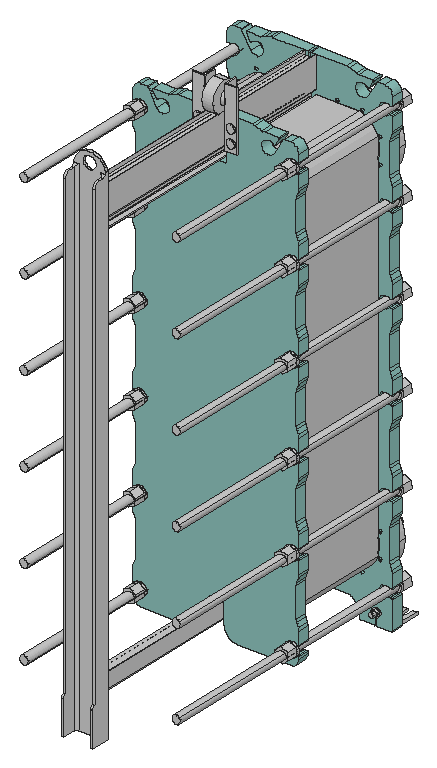
Revit family "Ekin_Endüstriyel - MIT562", category Specialty Equipment, Revit 2022
Family settings
  Round Connector Dimension = Use Diameter
  Part Type = Normal
  Work Plane-Based = No
  Always vertical = No
  Cut with Voids When Loaded = No
  Maintain Annotation Orientation = No
  Shared = No
  Room Calculation Point = No
Parameters (values of type "Flanged")
  URL = "https://en.ekinendustriyel.com/plate-heat-exchanger"
  Type Comments = ""
  Thickness_of_Plate [instance] = 0.50 mm  # constant formula
  Number_of_Plate [instance] = 130
  Model = if(Hygienic, if(Design Pressure < 11.0 bar, "H12340000F150L", if(Design Pressure < 16.0 bar, " H12340000F150M", " H12340000F150H")), if(Design Pressure < 10.0 bar, "E12340000F150L", if(Design Pressure < 16.0 bar, " E12340000F150M", " E12340000F150H")))  # "H12340000F150L"
  Material = Galvanized Steel- S235JR
  Manufacturer = "Ekin Endüstriyel"
  Lk [instance] = (Number_of_Plate) * ((Thickness_of_Plate) + 2.50 mm)  # 390.00 mm
  Lh [instance] = 1800.00 mm  # constant formula
  Lf [instance] = 1730.00 mm  # constant formula
  Lc [instance] = if(Number_of_Plate < 131, 1000.00 mm, if(Number_of_Plate < 171, 1500.00 mm, if(Number_of_Plate < 221, 1750.00 mm, 2000.00 mm)))  # 1000.00 mm
  La [instance] = 608.00 mm  # constant formula
  Keynote = ""
  Industrial [instance] = not(Hygienic)  # no
  Hygienic = yes
  Head & Follower Plate [instance] = if(Design Pressure < 11.0 bar, 40.00 mm, if(Design Pressure < 17.0 bar, 50.00 mm, 70.00 mm))  # 40.00 mm
  Follower Plate [instance] = -(Head & Follower Plate)  # -40.00 mm
  Design Pressure = 6.89476 bar
  Description = if(Design Pressure < 11.0 bar, "MIT - Heat Exchanger - 10 bar", if(Design Pressure < 16.0 bar, " MIT - Heat Exchanger - 16 bar", " MIT - Heat Exchanger - 25 bar"))  # "MIT - Heat Exchanger - 10 bar"
  Default Elevation = 0.00 mm
Reference planes
  plane 1 "Center (Front/Back)": y = 0
  plane 2: z = 0
  plane 3 "Center (Left/Right)": x = 0
  plane 4: x = 1160
  plane 5: x = -1000
  plane 6 "2": y = -430
  plane 7 "1": y = -40
  plane 8 "3": y = -1040
  plane 9 "Bolt End": y = 18.7
  plane 10: y = -1000
Forms (mm)
  Extrusion 1, solid, material "Galvanized Steel", detail levels fine
    sketch origin (4.063, 0, 0) x (1, 0, 0) y (0, 0, 1)
      loop
        line (214.272, 1759.15) -> (228.331, 1783.5)
        arc (228.331, 1783.5) -> (228.331, 1786.5) -> (225.733, 1788) r 3
        line (225.733, 1788) -> (174.197, 1788)
        arc (174.197, 1788) -> (168.987, 1788.456) -> (163.936, 1789.809) r 30
        line (163.936, 1789.809) -> (140.908, 1798.191)
        arc (140.908, 1798.191) -> (135.857, 1799.544) -> (130.647, 1800) r 30
        line (130.647, 1800) -> (1.937, 1800)
        arc (1.937, 1800) -> (-0.184, 1799.121) -> (-1.063, 1797) r 3
        line (-1.063, 1797) -> (-1.063, 1777.693)
        arc (-1.063, 1777.693) -> (-0.613, 1776.112) -> (0.604, 1775.006) r 3
        arc (0.604, 1775.006) -> (6.437, 1765.6) -> (0.604, 1756.194) r 10.5
        arc (0.604, 1756.194) -> (-0.613, 1755.088) -> (-1.063, 1753.507) r 3
        line (-1.063, 1753.507) -> (-1.063, 1717.693)
        arc (-1.063, 1717.693) -> (-0.613, 1716.112) -> (0.604, 1715.006) r 3
        arc (0.604, 1715.006) -> (-4.063, 1695.1) -> (-8.73, 1715.006) r 10.5
        arc (-8.73, 1715.006) -> (-7.514, 1716.112) -> (-7.063, 1717.693) r 3
        line (-7.063, 1717.693) -> (-7.063, 1753.507)
        arc (-7.063, 1753.507) -> (-7.514, 1755.088) -> (-8.73, 1756.194) r 3
        arc (-8.73, 1756.194) -> (-14.563, 1765.6) -> (-8.73, 1775.006) r 10.5
        arc (-8.73, 1775.006) -> (-7.514, 1776.112) -> (-7.063, 1777.693) r 3
        line (-7.063, 1777.693) -> (-7.063, 1797)
        arc (-7.063, 1797) -> (-7.942, 1799.121) -> (-10.063, 1800) r 3
        line (-10.063, 1800) -> (-138.773, 1800)
        arc (-138.773, 1800) -> (-143.983, 1799.544) -> (-149.034, 1798.191) r 30
        line (-149.034, 1798.191) -> (-172.062, 1789.809)
        arc (-172.062, 1789.809) -> (-177.113, 1788.456) -> (-182.323, 1788) r 30
        line (-182.323, 1788) -> (-233.859, 1788)
        arc (-233.859, 1788) -> (-236.457, 1786.5) -> (-236.457, 1783.5) r 3
        line (-236.457, 1783.5) -> (-222.398, 1759.15)
        arc (-222.398, 1759.15) -> (-220.037, 1757.659) -> (-217.471, 1758.758) r 3
        arc (-217.471, 1758.758) -> (-173.141, 1741.022) -> (-219.714, 1730.5) r 25
        line (-219.714, 1730.5) -> (-252.045, 1786.5)
        arc (-252.045, 1786.5) -> (-253.143, 1787.598) -> (-254.643, 1788) r 3
        line (-254.643, 1788) -> (-278.063, 1788)
        arc (-278.063, 1788) -> (-299.276, 1779.213) -> (-308.063, 1758) r 30
        line (-308.063, 1758) -> (-308.063, 1730.25)
        arc (-308.063, 1730.25) -> (-307.184, 1728.129) -> (-305.063, 1727.25) r 3
        line (-305.063, 1727.25) -> (-297.396, 1727.25)
        arc (-297.396, 1727.25) -> (-296.452, 1727.402) -> (-295.604, 1727.844) r 3
        arc (-295.604, 1727.844) -> (-262.063, 1711) -> (-295.604, 1694.156) r 21
        arc (-295.604, 1694.156) -> (-296.452, 1694.598) -> (-297.396, 1694.75) r 3
        line (-297.396, 1694.75) -> (-305.063, 1694.75)
        arc (-305.063, 1694.75) -> (-307.184, 1693.871) -> (-308.063, 1691.75) r 3
        line (-308.063, 1691.75) -> (-308.063, 1645.265)
        arc (-308.063, 1645.265) -> (-307.607, 1640.055) -> (-306.254, 1635.004) r 30
        line (-306.254, 1635.004) -> (-299.872, 1617.471)
        arc (-299.872, 1617.471) -> (-298.519, 1612.42) -> (-298.063, 1607.21) r 30
        line (-298.063, 1607.21) -> (-298.063, 1497.79)
        arc (-298.063, 1497.79) -> (-298.519, 1492.58) -> (-299.872, 1487.529) r 30
        line (-299.872, 1487.529) -> (-306.254, 1469.996)
        arc (-306.254, 1469.996) -> (-307.607, 1464.945) -> (-308.063, 1459.735) r 30
        line (-308.063, 1459.735) -> (-308.063, 1413.25)
        arc (-308.063, 1413.25) -> (-307.184, 1411.129) -> (-305.063, 1410.25) r 3
        line (-305.063, 1410.25) -> (-297.396, 1410.25)
        arc (-297.396, 1410.25) -> (-296.452, 1410.402) -> (-295.604, 1410.844) r 3
        arc (-295.604, 1410.844) -> (-262.063, 1394) -> (-295.604, 1377.156) r 21
        arc (-295.604, 1377.156) -> (-296.452, 1377.598) -> (-297.396, 1377.75) r 3
        line (-297.396, 1377.75) -> (-305.063, 1377.75)
        arc (-305.063, 1377.75) -> (-307.184, 1376.871) -> (-308.063, 1374.75) r 3
        line (-308.063, 1374.75) -> (-308.063, 1328.265)
        arc (-308.063, 1328.265) -> (-307.607, 1323.055) -> (-306.254, 1318.004) r 30
        line (-306.254, 1318.004) -> (-299.872, 1300.471)
        arc (-299.872, 1300.471) -> (-298.519, 1295.42) -> (-298.063, 1290.21) r 30
        line (-298.063, 1290.21) -> (-298.063, 1180.79)
        arc (-298.063, 1180.79) -> (-298.519, 1175.58) -> (-299.872, 1170.529) r 30
        line (-299.872, 1170.529) -> (-306.254, 1152.996)
        arc (-306.254, 1152.996) -> (-307.607, 1147.945) -> (-308.063, 1142.735) r 30
        line (-308.063, 1142.735) -> (-308.063, 1096.25)
        arc (-308.063, 1096.25) -> (-307.184, 1094.129) -> (-305.063, 1093.25) r 3
        line (-305.063, 1093.25) -> (-297.396, 1093.25)
        arc (-297.396, 1093.25) -> (-296.452, 1093.402) -> (-295.604, 1093.844) r 3
        arc (-295.604, 1093.844) -> (-262.063, 1077) -> (-295.604, 1060.156) r 21
        arc (-295.604, 1060.156) -> (-296.452, 1060.598) -> (-297.396, 1060.75) r 3
        line (-297.396, 1060.75) -> (-305.063, 1060.75)
        arc (-305.063, 1060.75) -> (-307.184, 1059.871) -> (-308.063, 1057.75) r 3
        line (-308.063, 1057.75) -> (-308.063, 1011.265)
        arc (-308.063, 1011.265) -> (-307.607, 1006.055) -> (-306.254, 1001.004) r 30
        line (-306.254, 1001.004) -> (-299.872, 983.471)
        arc (-299.872, 983.471) -> (-298.519, 978.42) -> (-298.063, 973.21) r 30
        line (-298.063, 973.21) -> (-298.063, 863.79)
        arc (-298.063, 863.79) -> (-298.519, 858.58) -> (-299.872, 853.529) r 30
        line (-299.872, 853.529) -> (-306.254, 835.996)
        arc (-306.254, 835.996) -> (-307.607, 830.945) -> (-308.063, 825.735) r 30
        line (-308.063, 825.735) -> (-308.063, 779.25)
        arc (-308.063, 779.25) -> (-307.184, 777.129) -> (-305.063, 776.25) r 3
        line (-305.063, 776.25) -> (-297.396, 776.25)
        arc (-297.396, 776.25) -> (-296.452, 776.402) -> (-295.604, 776.844) r 3
        arc (-295.604, 776.844) -> (-262.063, 760) -> (-295.604, 743.156) r 21
        arc (-295.604, 743.156) -> (-296.452, 743.598) -> (-297.396, 743.75) r 3
        line (-297.396, 743.75) -> (-305.063, 743.75)
        arc (-305.063, 743.75) -> (-307.184, 742.871) -> (-308.063, 740.75) r 3
        line (-308.063, 740.75) -> (-308.063, 694.265)
        arc (-308.063, 694.265) -> (-307.607, 689.055) -> (-306.254, 684.004) r 30
        line (-306.254, 684.004) -> (-299.872, 666.471)
        arc (-299.872, 666.471) -> (-298.519, 661.42) -> (-298.063, 656.21) r 30
        line (-298.063, 656.21) -> (-298.063, 546.79)
        arc (-298.063, 546.79) -> (-298.519, 541.58) -> (-299.872, 536.529) r 30
        line (-299.872, 536.529) -> (-306.254, 518.996)
        arc (-306.254, 518.996) -> (-307.607, 513.945) -> (-308.063, 508.735) r 30
        line (-308.063, 508.735) -> (-308.063, 462.25)
        arc (-308.063, 462.25) -> (-307.184, 460.129) -> (-305.063, 459.25) r 3
        line (-305.063, 459.25) -> (-297.396, 459.25)
        arc (-297.396, 459.25) -> (-296.452, 459.402) -> (-295.604, 459.844) r 3
        arc (-295.604, 459.844) -> (-262.063, 443) -> (-295.604, 426.156) r 21
        arc (-295.604, 426.156) -> (-296.452, 426.598) -> (-297.396, 426.75) r 3
        line (-297.396, 426.75) -> (-305.063, 426.75)
        arc (-305.063, 426.75) -> (-307.184, 425.871) -> (-308.063, 423.75) r 3
        line (-308.063, 423.75) -> (-308.063, 377.265)
        arc (-308.063, 377.265) -> (-307.607, 372.055) -> (-306.254, 367.004) r 30
        line (-306.254, 367.004) -> (-299.872, 349.471)
        arc (-299.872, 349.471) -> (-298.519, 344.42) -> (-298.063, 339.21) r 30
        line (-298.063, 339.21) -> (-298.063, 229.79)
        arc (-298.063, 229.79) -> (-298.519, 224.58) -> (-299.872, 219.529) r 30
        line (-299.872, 219.529) -> (-306.254, 201.996)
        arc (-306.254, 201.996) -> (-307.607, 196.945) -> (-308.063, 191.735) r 30
        line (-308.063, 191.735) -> (-308.063, 145.25)
        arc (-308.063, 145.25) -> (-307.184, 143.129) -> (-305.063, 142.25) r 3
        line (-305.063, 142.25) -> (-297.396, 142.25)
        arc (-297.396, 142.25) -> (-296.452, 142.402) -> (-295.604, 142.844) r 3
        arc (-295.604, 142.844) -> (-262.063, 126) -> (-295.604, 109.156) r 21
        arc (-295.604, 109.156) -> (-296.452, 109.598) -> (-297.396, 109.75) r 3
        line (-297.396, 109.75) -> (-305.063, 109.75)
        arc (-305.063, 109.75) -> (-307.184, 108.871) -> (-308.063, 106.75) r 3
        line (-308.063, 106.75) -> (-308.063, 5)
        arc (-308.063, 5) -> (-306.599, 1.464) -> (-303.063, 0) r 5
        line (-303.063, 0) -> (-254.063, 0)
        arc (-254.063, 0) -> (-251.942, 0.879) -> (-251.063, 3) r 3
        line (-251.063, 3) -> (-251.063, 32.907)
        arc (-251.063, 32.907) -> (-251.514, 34.488) -> (-252.73, 35.594) r 3
        arc (-252.73, 35.594) -> (-248.063, 55.5) -> (-243.396, 35.594) r 10.5
        arc (-243.396, 35.594) -> (-244.613, 34.488) -> (-245.063, 32.907) r 3
        line (-245.063, 32.907) -> (-245.063, 3)
        arc (-245.063, 3) -> (-244.184, 0.879) -> (-242.063, 0) r 3
        line (-242.063, 0) -> (-193.063, 0)
        arc (-193.063, 0) -> (-189.527, 1.464) -> (-188.063, 5) r 5
        line (-188.063, 5) -> (-188.063, 28.787)
        arc (-188.063, 28.787) -> (-186.921, 34.527) -> (-183.67, 39.393) r 15
        line (-183.67, 39.393) -> (-157.456, 65.607)
        arc (-157.456, 65.607) -> (-152.59, 68.858) -> (-146.85, 70) r 15
        line (-146.85, 70) -> (-7.063, 70) -> (-7.063, 95.638)
        arc (-7.063, 95.638) -> (-14.563, 105.7) -> (-7.063, 115.762) r 10.5
        line (-7.063, 115.762) -> (-7.063, 155.638)
        arc (-7.063, 155.638) -> (-4.063, 176.2) -> (-1.063, 155.638) r 10.5
        line (-1.063, 155.638) -> (-1.063, 115.762)
        arc (-1.063, 115.762) -> (6.437, 105.7) -> (-1.063, 95.638) r 10.5
        line (-1.063, 95.638) -> (-1.063, 70) -> (138.724, 70)
        arc (138.724, 70) -> (144.464, 68.858) -> (149.33, 65.607) r 15
        line (149.33, 65.607) -> (175.544, 39.393)
        arc (175.544, 39.393) -> (178.795, 34.527) -> (179.937, 28.787) r 15
        line (179.937, 28.787) -> (179.937, 5)
        arc (179.937, 5) -> (181.401, 1.464) -> (184.937, 0) r 5
        line (184.937, 0) -> (233.937, 0)
        arc (233.937, 0) -> (236.058, 0.879) -> (236.937, 3) r 3
        line (236.937, 3) -> (236.937, 32.907)
        arc (236.937, 32.907) -> (236.486, 34.488) -> (235.27, 35.594) r 3
        arc (235.27, 35.594) -> (239.937, 55.5) -> (244.604, 35.594) r 10.5
        arc (244.604, 35.594) -> (243.387, 34.488) -> (242.937, 32.907) r 3
        line (242.937, 32.907) -> (242.937, 3)
        arc (242.937, 3) -> (243.816, 0.879) -> (245.937, 0) r 3
        line (245.937, 0) -> (294.937, 0)
        arc (294.937, 0) -> (298.473, 1.464) -> (299.937, 5) r 5
        line (299.937, 5) -> (299.937, 106.75)
        arc (299.937, 106.75) -> (299.058, 108.871) -> (296.937, 109.75) r 3
        line (296.937, 109.75) -> (289.27, 109.75)
        arc (289.27, 109.75) -> (288.326, 109.598) -> (287.478, 109.156) r 3
        arc (287.478, 109.156) -> (253.937, 126) -> (287.478, 142.844) r 21
        arc (287.478, 142.844) -> (288.326, 142.402) -> (289.27, 142.25) r 3
        line (289.27, 142.25) -> (296.937, 142.25)
        arc (296.937, 142.25) -> (299.058, 143.129) -> (299.937, 145.25) r 3
        line (299.937, 145.25) -> (299.937, 191.735)
        arc (299.937, 191.735) -> (299.481, 196.945) -> (298.128, 201.996) r 30
        line (298.128, 201.996) -> (291.746, 219.529)
        arc (291.746, 219.529) -> (290.393, 224.58) -> (289.937, 229.79) r 30
        line (289.937, 229.79) -> (289.937, 339.21)
        arc (289.937, 339.21) -> (290.393, 344.42) -> (291.746, 349.471) r 30
        line (291.746, 349.471) -> (298.128, 367.004)
        arc (298.128, 367.004) -> (299.481, 372.055) -> (299.937, 377.265) r 30
        line (299.937, 377.265) -> (299.937, 423.75)
        arc (299.937, 423.75) -> (299.058, 425.871) -> (296.937, 426.75) r 3
        line (296.937, 426.75) -> (289.27, 426.75)
        arc (289.27, 426.75) -> (288.326, 426.598) -> (287.478, 426.156) r 3
        arc (287.478, 426.156) -> (253.937, 443) -> (287.478, 459.844) r 21
        arc (287.478, 459.844) -> (288.326, 459.402) -> (289.27, 459.25) r 3
        line (289.27, 459.25) -> (296.937, 459.25)
        arc (296.937, 459.25) -> (299.058, 460.129) -> (299.937, 462.25) r 3
        line (299.937, 462.25) -> (299.937, 508.735)
        arc (299.937, 508.735) -> (299.481, 513.945) -> (298.128, 518.996) r 30
        line (298.128, 518.996) -> (291.746, 536.529)
        arc (291.746, 536.529) -> (290.393, 541.58) -> (289.937, 546.79) r 30
        line (289.937, 546.79) -> (289.937, 656.21)
        arc (289.937, 656.21) -> (290.393, 661.42) -> (291.746, 666.471) r 30
        line (291.746, 666.471) -> (298.128, 684.004)
        arc (298.128, 684.004) -> (299.481, 689.055) -> (299.937, 694.265) r 30
        line (299.937, 694.265) -> (299.937, 740.75)
        arc (299.937, 740.75) -> (299.058, 742.871) -> (296.937, 743.75) r 3
        line (296.937, 743.75) -> (289.27, 743.75)
        arc (289.27, 743.75) -> (288.326, 743.598) -> (287.478, 743.156) r 3
        arc (287.478, 743.156) -> (253.937, 760) -> (287.478, 776.844) r 21
        arc (287.478, 776.844) -> (288.326, 776.402) -> (289.27, 776.25) r 3
        line (289.27, 776.25) -> (296.937, 776.25)
        arc (296.937, 776.25) -> (299.058, 777.129) -> (299.937, 779.25) r 3
        line (299.937, 779.25) -> (299.937, 825.735)
        arc (299.937, 825.735) -> (299.481, 830.945) -> (298.128, 835.996) r 30
        line (298.128, 835.996) -> (291.746, 853.529)
        arc (291.746, 853.529) -> (290.393, 858.58) -> (289.937, 863.79) r 30
        line (289.937, 863.79) -> (289.937, 973.21)
        arc (289.937, 973.21) -> (290.393, 978.42) -> (291.746, 983.471) r 30
        line (291.746, 983.471) -> (298.128, 1001.004)
        arc (298.128, 1001.004) -> (299.481, 1006.055) -> (299.937, 1011.265) r 30
        line (299.937, 1011.265) -> (299.937, 1057.75)
        arc (299.937, 1057.75) -> (299.058, 1059.871) -> (296.937, 1060.75) r 3
        line (296.937, 1060.75) -> (289.27, 1060.75)
        arc (289.27, 1060.75) -> (288.326, 1060.598) -> (287.478, 1060.156) r 3
        arc (287.478, 1060.156) -> (253.937, 1077) -> (287.478, 1093.844) r 21
        arc (287.478, 1093.844) -> (288.326, 1093.402) -> (289.27, 1093.25) r 3
        line (289.27, 1093.25) -> (296.937, 1093.25)
        arc (296.937, 1093.25) -> (299.058, 1094.129) -> (299.937, 1096.25) r 3
        line (299.937, 1096.25) -> (299.937, 1142.735)
        arc (299.937, 1142.735) -> (299.481, 1147.945) -> (298.128, 1152.996) r 30
        line (298.128, 1152.996) -> (291.746, 1170.529)
        arc (291.746, 1170.529) -> (290.393, 1175.58) -> (289.937, 1180.79) r 30
        line (289.937, 1180.79) -> (289.937, 1290.21)
        arc (289.937, 1290.21) -> (290.393, 1295.42) -> (291.746, 1300.471) r 30
        line (291.746, 1300.471) -> (298.128, 1318.004)
        arc (298.128, 1318.004) -> (299.481, 1323.055) -> (299.937, 1328.265) r 30
        line (299.937, 1328.265) -> (299.937, 1374.75)
        arc (299.937, 1374.75) -> (299.058, 1376.871) -> (296.937, 1377.75) r 3
        line (296.937, 1377.75) -> (289.27, 1377.75)
        arc (289.27, 1377.75) -> (288.326, 1377.598) -> (287.478, 1377.156) r 3
        arc (287.478, 1377.156) -> (253.937, 1394) -> (287.478, 1410.844) r 21
        arc (287.478, 1410.844) -> (288.326, 1410.402) -> (289.27, 1410.25) r 3
        line (289.27, 1410.25) -> (296.937, 1410.25)
        arc (296.937, 1410.25) -> (299.058, 1411.129) -> (299.937, 1413.25) r 3
        line (299.937, 1413.25) -> (299.937, 1459.735)
        arc (299.937, 1459.735) -> (299.481, 1464.945) -> (298.128, 1469.996) r 30
        line (298.128, 1469.996) -> (291.746, 1487.529)
        arc (291.746, 1487.529) -> (290.393, 1492.58) -> (289.937, 1497.79) r 30
        line (289.937, 1497.79) -> (289.937, 1607.21)
        arc (289.937, 1607.21) -> (290.393, 1612.42) -> (291.746, 1617.471) r 30
        line (291.746, 1617.471) -> (298.128, 1635.004)
        arc (298.128, 1635.004) -> (299.481, 1640.055) -> (299.937, 1645.265) r 30
        line (299.937, 1645.265) -> (299.937, 1691.75)
        arc (299.937, 1691.75) -> (299.058, 1693.871) -> (296.937, 1694.75) r 3
        line (296.937, 1694.75) -> (289.27, 1694.75)
        arc (289.27, 1694.75) -> (288.326, 1694.598) -> (287.478, 1694.156) r 3
        arc (287.478, 1694.156) -> (253.937, 1711) -> (287.478, 1727.844) r 21
        arc (287.478, 1727.844) -> (288.326, 1727.402) -> (289.27, 1727.25) r 3
        line (289.27, 1727.25) -> (296.937, 1727.25)
        arc (296.937, 1727.25) -> (299.058, 1728.129) -> (299.937, 1730.25) r 3
        line (299.937, 1730.25) -> (299.937, 1758)
        arc (299.937, 1758) -> (291.15, 1779.213) -> (269.937, 1788) r 30
        line (269.937, 1788) -> (246.517, 1788)
        arc (246.517, 1788) -> (245.017, 1787.598) -> (243.919, 1786.5) r 3
        line (243.919, 1786.5) -> (211.588, 1730.5)
        arc (211.588, 1730.5) -> (165.015, 1741.022) -> (209.345, 1758.758) r 25
        arc (209.345, 1758.758) -> (211.911, 1757.659) -> (214.272, 1759.15) r 3
      loop
        circle (255.803, 1611.922) r 7
      loop
        circle (255.803, 1520.078) r 7
      loop
        circle (190.859, 1676.866) r 7
      loop
        circle (190.859, 1455.134) r 7
      loop
        circle (34.071, 1611.922) r 7
      loop
        circle (34.071, 1520.078) r 7
      loop
        circle (99.015, 1676.866) r 7
      loop
        circle (99.015, 1455.134) r 7
      loop
        circle (144.937, 1566) r 105
      loop
        circle (255.803, 316.922) r 7
      loop
        circle (255.803, 225.078) r 7
      loop
        circle (190.859, 381.866) r 7
      loop
        circle (190.859, 160.134) r 7
      loop
        circle (34.071, 316.922) r 7
      loop
        circle (34.071, 225.078) r 7
      loop
        circle (99.015, 381.866) r 7
      loop
        circle (99.015, 160.134) r 7
      loop
        circle (144.937, 271) r 105
      loop
        circle (-263.929, 1611.922) r 7
      loop
        circle (-263.929, 1520.078) r 7
      loop
        circle (-198.985, 1676.866) r 7
      loop
        circle (-198.985, 1455.134) r 7
      loop
        circle (-42.197, 1611.922) r 7
      loop
        circle (-42.197, 1520.078) r 7
      loop
        circle (-107.141, 1676.866) r 7
      loop
        circle (-107.141, 1455.134) r 7
      loop
        circle (-153.063, 1566) r 105
      loop
        circle (-263.929, 316.922) r 7
      loop
        circle (-263.929, 225.078) r 7
      loop
        circle (-198.985, 381.866) r 7
      loop
        circle (-198.985, 160.134) r 7
      loop
        circle (-42.197, 316.922) r 7
      loop
        circle (-42.197, 225.078) r 7
      loop
        circle (-107.141, 381.866) r 7
      loop
        circle (-107.141, 160.134) r 7
      loop
        circle (-153.063, 271) r 105
    from 0 to 40
  Extrusion 2, solid, material "Galvanized Steel", detail levels fine
    sketch origin (4.063, -430, 0) x (-1, 0, 0) y (0, 0, 1)
      loop
        arc (-214.272, 1759.15) -> (-211.911, 1757.659) -> (-209.345, 1758.758) r 3
        arc (-209.345, 1758.758) -> (-165.015, 1741.022) -> (-211.588, 1730.5) r 25
        line (-211.588, 1730.5) -> (-243.919, 1786.5)
        arc (-243.919, 1786.5) -> (-245.017, 1787.598) -> (-246.517, 1788) r 3
        line (-246.517, 1788) -> (-269.937, 1788)
        arc (-269.937, 1788) -> (-291.15, 1779.213) -> (-299.937, 1758) r 30
        line (-299.937, 1758) -> (-299.937, 1730.25)
        arc (-299.937, 1730.25) -> (-299.058, 1728.129) -> (-296.937, 1727.25) r 3
        line (-296.937, 1727.25) -> (-289.27, 1727.25)
        arc (-289.27, 1727.25) -> (-288.326, 1727.402) -> (-287.478, 1727.844) r 3
        arc (-287.478, 1727.844) -> (-253.937, 1711) -> (-287.478, 1694.156) r 21
        arc (-287.478, 1694.156) -> (-288.326, 1694.598) -> (-289.27, 1694.75) r 3
        line (-289.27, 1694.75) -> (-296.937, 1694.75)
        arc (-296.937, 1694.75) -> (-299.058, 1693.871) -> (-299.937, 1691.75) r 3
        line (-299.937, 1691.75) -> (-299.937, 1645.265)
        arc (-299.937, 1645.265) -> (-299.481, 1640.055) -> (-298.128, 1635.004) r 30
        line (-298.128, 1635.004) -> (-291.746, 1617.471)
        arc (-291.746, 1617.471) -> (-290.393, 1612.42) -> (-289.937, 1607.21) r 30
        line (-289.937, 1607.21) -> (-289.937, 1497.79)
        arc (-289.937, 1497.79) -> (-290.393, 1492.58) -> (-291.746, 1487.529) r 30
        line (-291.746, 1487.529) -> (-298.128, 1469.996)
        arc (-298.128, 1469.996) -> (-299.481, 1464.945) -> (-299.937, 1459.735) r 30
        line (-299.937, 1459.735) -> (-299.937, 1413.25)
        arc (-299.937, 1413.25) -> (-299.058, 1411.129) -> (-296.937, 1410.25) r 3
        line (-296.937, 1410.25) -> (-289.27, 1410.25)
        arc (-289.27, 1410.25) -> (-288.326, 1410.402) -> (-287.478, 1410.844) r 3
        arc (-287.478, 1410.844) -> (-253.937, 1394) -> (-287.478, 1377.156) r 21
        arc (-287.478, 1377.156) -> (-288.326, 1377.598) -> (-289.27, 1377.75) r 3
        line (-289.27, 1377.75) -> (-296.937, 1377.75)
        arc (-296.937, 1377.75) -> (-299.058, 1376.871) -> (-299.937, 1374.75) r 3
        line (-299.937, 1374.75) -> (-299.937, 1328.265)
        arc (-299.937, 1328.265) -> (-299.481, 1323.055) -> (-298.128, 1318.004) r 30
        line (-298.128, 1318.004) -> (-291.746, 1300.471)
        arc (-291.746, 1300.471) -> (-290.393, 1295.42) -> (-289.937, 1290.21) r 30
        line (-289.937, 1290.21) -> (-289.937, 1180.79)
        arc (-289.937, 1180.79) -> (-290.393, 1175.58) -> (-291.746, 1170.529) r 30
        line (-291.746, 1170.529) -> (-298.128, 1152.996)
        arc (-298.128, 1152.996) -> (-299.481, 1147.945) -> (-299.937, 1142.735) r 30
        line (-299.937, 1142.735) -> (-299.937, 1096.25)
        arc (-299.937, 1096.25) -> (-299.058, 1094.129) -> (-296.937, 1093.25) r 3
        line (-296.937, 1093.25) -> (-289.27, 1093.25)
        arc (-289.27, 1093.25) -> (-288.326, 1093.402) -> (-287.478, 1093.844) r 3
        arc (-287.478, 1093.844) -> (-253.937, 1077) -> (-287.478, 1060.156) r 21
        arc (-287.478, 1060.156) -> (-288.326, 1060.598) -> (-289.27, 1060.75) r 3
        line (-289.27, 1060.75) -> (-296.937, 1060.75)
        arc (-296.937, 1060.75) -> (-299.058, 1059.871) -> (-299.937, 1057.75) r 3
        line (-299.937, 1057.75) -> (-299.937, 1011.265)
        arc (-299.937, 1011.265) -> (-299.481, 1006.055) -> (-298.128, 1001.004) r 30
        line (-298.128, 1001.004) -> (-291.746, 983.471)
        arc (-291.746, 983.471) -> (-290.393, 978.42) -> (-289.937, 973.21) r 30
        line (-289.937, 973.21) -> (-289.937, 863.79)
        arc (-289.937, 863.79) -> (-290.393, 858.58) -> (-291.746, 853.529) r 30
        line (-291.746, 853.529) -> (-298.128, 835.996)
        arc (-298.128, 835.996) -> (-299.481, 830.945) -> (-299.937, 825.735) r 30
        line (-299.937, 825.735) -> (-299.937, 779.25)
        arc (-299.937, 779.25) -> (-299.058, 777.129) -> (-296.937, 776.25) r 3
        line (-296.937, 776.25) -> (-289.27, 776.25)
        arc (-289.27, 776.25) -> (-288.326, 776.402) -> (-287.478, 776.844) r 3
        arc (-287.478, 776.844) -> (-253.937, 760) -> (-287.478, 743.156) r 21
        arc (-287.478, 743.156) -> (-288.326, 743.598) -> (-289.27, 743.75) r 3
        line (-289.27, 743.75) -> (-296.937, 743.75)
        arc (-296.937, 743.75) -> (-299.058, 742.871) -> (-299.937, 740.75) r 3
        line (-299.937, 740.75) -> (-299.937, 694.265)
        arc (-299.937, 694.265) -> (-299.481, 689.055) -> (-298.128, 684.004) r 30
        line (-298.128, 684.004) -> (-291.746, 666.471)
        arc (-291.746, 666.471) -> (-290.393, 661.42) -> (-289.937, 656.21) r 30
        line (-289.937, 656.21) -> (-289.937, 546.79)
        arc (-289.937, 546.79) -> (-290.393, 541.58) -> (-291.746, 536.529) r 30
        line (-291.746, 536.529) -> (-298.128, 518.996)
        arc (-298.128, 518.996) -> (-299.481, 513.945) -> (-299.937, 508.735) r 30
        line (-299.937, 508.735) -> (-299.937, 462.25)
        arc (-299.937, 462.25) -> (-299.058, 460.129) -> (-296.937, 459.25) r 3
        line (-296.937, 459.25) -> (-289.27, 459.25)
        arc (-289.27, 459.25) -> (-288.326, 459.402) -> (-287.478, 459.844) r 3
        arc (-287.478, 459.844) -> (-253.937, 443) -> (-287.478, 426.156) r 21
        arc (-287.478, 426.156) -> (-288.326, 426.598) -> (-289.27, 426.75) r 3
        line (-289.27, 426.75) -> (-296.937, 426.75)
        arc (-296.937, 426.75) -> (-299.058, 425.871) -> (-299.937, 423.75) r 3
        line (-299.937, 423.75) -> (-299.937, 377.265)
        arc (-299.937, 377.265) -> (-299.481, 372.055) -> (-298.128, 367.004) r 30
        line (-298.128, 367.004) -> (-291.746, 349.471)
        arc (-291.746, 349.471) -> (-290.393, 344.42) -> (-289.937, 339.21) r 30
        line (-289.937, 339.21) -> (-289.937, 229.79)
        arc (-289.937, 229.79) -> (-290.393, 224.58) -> (-291.746, 219.529) r 30
        line (-291.746, 219.529) -> (-298.128, 201.996)
        arc (-298.128, 201.996) -> (-299.481, 196.945) -> (-299.937, 191.735) r 30
        line (-299.937, 191.735) -> (-299.937, 145.25)
        arc (-299.937, 145.25) -> (-299.058, 143.129) -> (-296.937, 142.25) r 3
        line (-296.937, 142.25) -> (-289.27, 142.25)
        arc (-289.27, 142.25) -> (-288.326, 142.402) -> (-287.478, 142.844) r 3
        arc (-287.478, 142.844) -> (-253.937, 126) -> (-287.478, 109.156) r 21
        arc (-287.478, 109.156) -> (-288.326, 109.598) -> (-289.27, 109.75) r 3
        line (-289.27, 109.75) -> (-296.937, 109.75)
        arc (-296.937, 109.75) -> (-299.058, 108.871) -> (-299.937, 106.75) r 3
        line (-299.937, 106.75) -> (-299.937, 100)
        arc (-299.937, 100) -> (-291.15, 78.787) -> (-269.937, 70) r 30
        line (-269.937, 70) -> (-75.937, 70)
        arc (-75.937, 70) -> (-40.582, 84.645) -> (-25.937, 120) r 50
        line (-25.937, 120) -> (-25.937, 173.5)
        arc (-25.937, 173.5) -> (4.063, 203.5) -> (34.063, 173.5) r 30
        line (34.063, 173.5) -> (34.063, 120)
        arc (34.063, 120) -> (48.708, 84.645) -> (84.063, 70) r 50
        line (84.063, 70) -> (278.063, 70)
        arc (278.063, 70) -> (299.276, 78.787) -> (308.063, 100) r 30
        line (308.063, 100) -> (308.063, 106.75)
        arc (308.063, 106.75) -> (307.184, 108.871) -> (305.063, 109.75) r 3
        line (305.063, 109.75) -> (297.396, 109.75)
        arc (297.396, 109.75) -> (296.452, 109.598) -> (295.604, 109.156) r 3
        arc (295.604, 109.156) -> (262.063, 126) -> (295.604, 142.844) r 21
        arc (295.604, 142.844) -> (296.452, 142.402) -> (297.396, 142.25) r 3
        line (297.396, 142.25) -> (305.063, 142.25)
        arc (305.063, 142.25) -> (307.184, 143.129) -> (308.063, 145.25) r 3
        line (308.063, 145.25) -> (308.063, 191.735)
        arc (308.063, 191.735) -> (307.607, 196.945) -> (306.254, 201.996) r 30
        line (306.254, 201.996) -> (299.872, 219.529)
        arc (299.872, 219.529) -> (298.519, 224.58) -> (298.063, 229.79) r 30
        line (298.063, 229.79) -> (298.063, 339.21)
        arc (298.063, 339.21) -> (298.519, 344.42) -> (299.872, 349.471) r 30
        line (299.872, 349.471) -> (306.254, 367.004)
        arc (306.254, 367.004) -> (307.607, 372.055) -> (308.063, 377.265) r 30
        line (308.063, 377.265) -> (308.063, 423.75)
        arc (308.063, 423.75) -> (307.184, 425.871) -> (305.063, 426.75) r 3
        line (305.063, 426.75) -> (297.396, 426.75)
        arc (297.396, 426.75) -> (296.452, 426.598) -> (295.604, 426.156) r 3
        arc (295.604, 426.156) -> (262.063, 443) -> (295.604, 459.844) r 21
        arc (295.604, 459.844) -> (296.452, 459.402) -> (297.396, 459.25) r 3
        line (297.396, 459.25) -> (305.063, 459.25)
        arc (305.063, 459.25) -> (307.184, 460.129) -> (308.063, 462.25) r 3
        line (308.063, 462.25) -> (308.063, 508.735)
        arc (308.063, 508.735) -> (307.607, 513.945) -> (306.254, 518.996) r 30
        line (306.254, 518.996) -> (299.872, 536.529)
        arc (299.872, 536.529) -> (298.519, 541.58) -> (298.063, 546.79) r 30
        line (298.063, 546.79) -> (298.063, 656.21)
        arc (298.063, 656.21) -> (298.519, 661.42) -> (299.872, 666.471) r 30
        line (299.872, 666.471) -> (306.254, 684.004)
        arc (306.254, 684.004) -> (307.607, 689.055) -> (308.063, 694.265) r 30
        line (308.063, 694.265) -> (308.063, 740.75)
        arc (308.063, 740.75) -> (307.184, 742.871) -> (305.063, 743.75) r 3
        line (305.063, 743.75) -> (297.396, 743.75)
        arc (297.396, 743.75) -> (296.452, 743.598) -> (295.604, 743.156) r 3
        arc (295.604, 743.156) -> (262.063, 760) -> (295.604, 776.844) r 21
        arc (295.604, 776.844) -> (296.452, 776.402) -> (297.396, 776.25) r 3
        line (297.396, 776.25) -> (305.063, 776.25)
        arc (305.063, 776.25) -> (307.184, 777.129) -> (308.063, 779.25) r 3
        line (308.063, 779.25) -> (308.063, 825.735)
        arc (308.063, 825.735) -> (307.607, 830.945) -> (306.254, 835.996) r 30
        line (306.254, 835.996) -> (299.872, 853.529)
        arc (299.872, 853.529) -> (298.519, 858.58) -> (298.063, 863.79) r 30
        line (298.063, 863.79) -> (298.063, 973.21)
        arc (298.063, 973.21) -> (298.519, 978.42) -> (299.872, 983.471) r 30
        line (299.872, 983.471) -> (306.254, 1001.004)
        arc (306.254, 1001.004) -> (307.607, 1006.055) -> (308.063, 1011.265) r 30
        line (308.063, 1011.265) -> (308.063, 1057.75)
        arc (308.063, 1057.75) -> (307.184, 1059.871) -> (305.063, 1060.75) r 3
        line (305.063, 1060.75) -> (297.396, 1060.75)
        arc (297.396, 1060.75) -> (296.452, 1060.598) -> (295.604, 1060.156) r 3
        arc (295.604, 1060.156) -> (262.063, 1077) -> (295.604, 1093.844) r 21
        arc (295.604, 1093.844) -> (296.452, 1093.402) -> (297.396, 1093.25) r 3
        line (297.396, 1093.25) -> (305.063, 1093.25)
        arc (305.063, 1093.25) -> (307.184, 1094.129) -> (308.063, 1096.25) r 3
        line (308.063, 1096.25) -> (308.063, 1142.735)
        arc (308.063, 1142.735) -> (307.607, 1147.945) -> (306.254, 1152.996) r 30
        line (306.254, 1152.996) -> (299.872, 1170.529)
        arc (299.872, 1170.529) -> (298.519, 1175.58) -> (298.063, 1180.79) r 30
        line (298.063, 1180.79) -> (298.063, 1290.21)
        arc (298.063, 1290.21) -> (298.519, 1295.42) -> (299.872, 1300.471) r 30
        line (299.872, 1300.471) -> (306.254, 1318.004)
        arc (306.254, 1318.004) -> (307.607, 1323.055) -> (308.063, 1328.265) r 30
        line (308.063, 1328.265) -> (308.063, 1374.75)
        arc (308.063, 1374.75) -> (307.184, 1376.871) -> (305.063, 1377.75) r 3
        line (305.063, 1377.75) -> (297.396, 1377.75)
        arc (297.396, 1377.75) -> (296.452, 1377.598) -> (295.604, 1377.156) r 3
        arc (295.604, 1377.156) -> (262.063, 1394) -> (295.604, 1410.844) r 21
        arc (295.604, 1410.844) -> (296.452, 1410.402) -> (297.396, 1410.25) r 3
        line (297.396, 1410.25) -> (305.063, 1410.25)
        arc (305.063, 1410.25) -> (307.184, 1411.129) -> (308.063, 1413.25) r 3
        line (308.063, 1413.25) -> (308.063, 1459.735)
        arc (308.063, 1459.735) -> (307.607, 1464.945) -> (306.254, 1469.996) r 30
        line (306.254, 1469.996) -> (299.872, 1487.529)
        arc (299.872, 1487.529) -> (298.519, 1492.58) -> (298.063, 1497.79) r 30
        line (298.063, 1497.79) -> (298.063, 1607.21)
        arc (298.063, 1607.21) -> (298.519, 1612.42) -> (299.872, 1617.471) r 30
        line (299.872, 1617.471) -> (306.254, 1635.004)
        arc (306.254, 1635.004) -> (307.607, 1640.055) -> (308.063, 1645.265) r 30
        line (308.063, 1645.265) -> (308.063, 1691.75)
        arc (308.063, 1691.75) -> (307.184, 1693.871) -> (305.063, 1694.75) r 3
        line (305.063, 1694.75) -> (297.396, 1694.75)
        arc (297.396, 1694.75) -> (296.452, 1694.598) -> (295.604, 1694.156) r 3
        arc (295.604, 1694.156) -> (262.063, 1711) -> (295.604, 1727.844) r 21
        arc (295.604, 1727.844) -> (296.452, 1727.402) -> (297.396, 1727.25) r 3
        line (297.396, 1727.25) -> (305.063, 1727.25)
        arc (305.063, 1727.25) -> (307.184, 1728.129) -> (308.063, 1730.25) r 3
        line (308.063, 1730.25) -> (308.063, 1758)
        arc (308.063, 1758) -> (299.276, 1779.213) -> (278.063, 1788) r 30
        line (278.063, 1788) -> (254.643, 1788)
        arc (254.643, 1788) -> (253.143, 1787.598) -> (252.045, 1786.5) r 3
        line (252.045, 1786.5) -> (219.714, 1730.5)
        arc (219.714, 1730.5) -> (173.141, 1741.022) -> (217.471, 1758.758) r 25
        arc (217.471, 1758.758) -> (220.037, 1757.659) -> (222.398, 1759.15) r 3
        line (222.398, 1759.15) -> (236.457, 1783.5)
        arc (236.457, 1783.5) -> (236.457, 1786.5) -> (233.859, 1788) r 3
        line (233.859, 1788) -> (182.323, 1788)
        arc (182.323, 1788) -> (177.113, 1788.456) -> (172.062, 1789.809) r 30
        line (172.062, 1789.809) -> (149.034, 1798.191)
        arc (149.034, 1798.191) -> (143.983, 1799.544) -> (138.773, 1800) r 30
        line (138.773, 1800) -> (48.063, 1800)
        arc (48.063, 1800) -> (45.942, 1799.121) -> (45.063, 1797) r 3
        line (45.063, 1797) -> (45.063, 1766.6)
        arc (45.063, 1766.6) -> (45.942, 1764.479) -> (48.063, 1763.6) r 3
        line (48.063, 1763.6) -> (51.97, 1763.6)
        arc (51.97, 1763.6) -> (53.551, 1764.05) -> (54.657, 1765.267) r 3
        arc (54.657, 1765.267) -> (74.525, 1759.704) -> (54.001, 1757.6) r 10.5
        line (54.001, 1757.6) -> (45.063, 1757.6) -> (45.063, 1716.6)
        arc (45.063, 1716.6) -> (45.942, 1714.479) -> (48.063, 1713.6) r 3
        line (48.063, 1713.6) -> (51.97, 1713.6)
        arc (51.97, 1713.6) -> (53.551, 1714.05) -> (54.657, 1715.267) r 3
        arc (54.657, 1715.267) -> (74.525, 1709.704) -> (54.001, 1707.6) r 10.5
        line (54.001, 1707.6) -> (45.063, 1707.6) -> (45.063, 1643.5)
        arc (45.063, 1643.5) -> (43.599, 1639.964) -> (40.063, 1638.5) r 5
        line (40.063, 1638.5) -> (-31.937, 1638.5)
        arc (-31.937, 1638.5) -> (-35.473, 1639.964) -> (-36.937, 1643.5) r 5
        line (-36.937, 1643.5) -> (-36.937, 1707.6) -> (-45.875, 1707.6)
        arc (-45.875, 1707.6) -> (-66.399, 1709.704) -> (-46.531, 1715.267) r 10.5
        arc (-46.531, 1715.267) -> (-45.425, 1714.05) -> (-43.844, 1713.6) r 3
        line (-43.844, 1713.6) -> (-39.937, 1713.6)
        arc (-39.937, 1713.6) -> (-37.816, 1714.479) -> (-36.937, 1716.6) r 3
        line (-36.937, 1716.6) -> (-36.937, 1757.6) -> (-45.875, 1757.6)
        arc (-45.875, 1757.6) -> (-66.399, 1759.704) -> (-46.531, 1765.267) r 10.5
        arc (-46.531, 1765.267) -> (-45.425, 1764.05) -> (-43.844, 1763.6) r 3
        line (-43.844, 1763.6) -> (-39.937, 1763.6)
        arc (-39.937, 1763.6) -> (-37.816, 1764.479) -> (-36.937, 1766.6) r 3
        line (-36.937, 1766.6) -> (-36.937, 1797)
        arc (-36.937, 1797) -> (-37.816, 1799.121) -> (-39.937, 1800) r 3
        line (-39.937, 1800) -> (-130.647, 1800)
        arc (-130.647, 1800) -> (-135.857, 1799.544) -> (-140.908, 1798.191) r 30
        line (-140.908, 1798.191) -> (-163.936, 1789.809)
        arc (-163.936, 1789.809) -> (-168.987, 1788.456) -> (-174.197, 1788) r 30
        line (-174.197, 1788) -> (-225.733, 1788)
        arc (-225.733, 1788) -> (-228.331, 1786.5) -> (-228.331, 1783.5) r 3
        line (-228.331, 1783.5) -> (-214.272, 1759.15)
    from 0 to -40 <- "Follower Plate"
  Extrusion 3, solid, material "AISI 316L/Titanium/Hastelloy", detail levels fine
    sketch origin (0, -40, 0) x (-1, 0, 0) y (0, 0, 1)
      loop
        circle (-149, 1566) r 68.8
      loop
        circle (149, 1566) r 68.8
      loop
        circle (-149, 272) r 68.8
      loop
        circle (149, 272) r 68.8
      loop
        arc (-250, 228.93) -> (-225.513, 193.248) -> (-189.14, 169.8) r 109.8
        line (-189.14, 169.8) -> (-27.2, 169.8)
        arc (-27.2, 169.8) -> (-26.052, 170.028) -> (-25.078, 170.679) r 3
        line (-25.078, 170.679) -> (-20.129, 175.628)
        arc (-20.129, 175.628) -> (-19.478, 176.602) -> (-19.25, 177.75) r 3
        line (-19.25, 177.75) -> (-19.25, 181.568)
        arc (-19.25, 181.568) -> (-19.545, 182.866) -> (-20.372, 183.908) r 3
        line (-20.372, 183.908) -> (-30.817, 192.29)
        arc (-30.817, 192.29) -> (-31.833, 198.158) -> (-26.137, 199.896) r 4.5
        line (-26.137, 199.896) -> (-8.398, 191.83)
        arc (-8.398, 191.83) -> (0, 190.011) -> (8.398, 191.83) r 20.289
        line (8.398, 191.83) -> (26.137, 199.896)
        arc (26.137, 199.896) -> (31.833, 198.158) -> (30.817, 192.29) r 4.5
        line (30.817, 192.29) -> (20.372, 183.908)
        arc (20.372, 183.908) -> (19.545, 182.866) -> (19.25, 181.568) r 3
        line (19.25, 181.568) -> (19.25, 177.75)
        arc (19.25, 177.75) -> (19.478, 176.602) -> (20.129, 175.628) r 3
        line (20.129, 175.628) -> (25.078, 170.679)
        arc (25.078, 170.679) -> (26.052, 170.028) -> (27.2, 169.8) r 3
        line (27.2, 169.8) -> (189.14, 169.8)
        arc (189.14, 169.8) -> (225.513, 193.248) -> (250, 228.93) r 109.8
        line (250, 228.93) -> (250, 1609.07)
        arc (250, 1609.07) -> (223.837, 1646.346) -> (184.799, 1669.8) r 109.8
        line (184.799, 1669.8) -> (27.2, 1669.8)
        arc (27.2, 1669.8) -> (26.052, 1669.572) -> (25.078, 1668.921) r 3
        line (25.078, 1668.921) -> (20.129, 1663.972)
        arc (20.129, 1663.972) -> (19.478, 1662.998) -> (19.25, 1661.85) r 3
        line (19.25, 1661.85) -> (19.25, 1658.032)
        arc (19.25, 1658.032) -> (19.545, 1656.734) -> (20.372, 1655.692) r 3
        line (20.372, 1655.692) -> (30.817, 1647.31)
        arc (30.817, 1647.31) -> (31.833, 1641.442) -> (26.137, 1639.704) r 4.5
        line (26.137, 1639.704) -> (8.398, 1647.77)
        arc (8.398, 1647.77) -> (0, 1649.589) -> (-8.398, 1647.77) r 20.289
        line (-8.398, 1647.77) -> (-26.137, 1639.704)
        arc (-26.137, 1639.704) -> (-31.833, 1641.442) -> (-30.817, 1647.31) r 4.5
        line (-30.817, 1647.31) -> (-20.372, 1655.692)
        arc (-20.372, 1655.692) -> (-19.545, 1656.734) -> (-19.25, 1658.032) r 3
        line (-19.25, 1658.032) -> (-19.25, 1661.85)
        arc (-19.25, 1661.85) -> (-19.478, 1662.998) -> (-20.129, 1663.972) r 3
        line (-20.129, 1663.972) -> (-25.078, 1668.921)
        arc (-25.078, 1668.921) -> (-26.052, 1669.572) -> (-27.2, 1669.8) r 3
        line (-27.2, 1669.8) -> (-184.799, 1669.8)
        arc (-184.799, 1669.8) -> (-223.837, 1646.346) -> (-250, 1609.07) r 109.8
        line (-250, 1609.07) -> (-250, 228.93)
    from 0 to -390
  Extrusion 4, solid, material "Galvanized Steel- S235JR"
    sketch origin (0, 0, 0) x (1, 0, 0) y (0, 0, 1)
      loop
        line (-18, 128.2) -> (18, 128.2)
        arc (18, 128.2) -> (19.414, 128.786) -> (20, 130.2) r 2
        line (20, 130.2) -> (20, 186.2)
        arc (20, 186.2) -> (19.414, 187.614) -> (18, 188.2) r 2
        line (18, 188.2) -> (-18, 188.2)
        arc (-18, 188.2) -> (-19.414, 187.614) -> (-20, 186.2) r 2
        line (-20, 186.2) -> (-20, 130.2)
        arc (-20, 130.2) -> (-19.414, 128.786) -> (-18, 128.2) r 2
      loop
        line (-13, 133.2) -> (13, 133.2)
        arc (13, 133.2) -> (14.414, 133.786) -> (15, 135.2) r 2
        line (15, 135.2) -> (15, 181.2)
        arc (15, 181.2) -> (14.414, 182.614) -> (13, 183.2) r 2
        line (13, 183.2) -> (-13, 183.2)
        arc (-13, 183.2) -> (-14.414, 182.614) -> (-15, 181.2) r 2
        line (-15, 181.2) -> (-15, 135.2)
        arc (-15, 135.2) -> (-14.414, 133.786) -> (-13, 133.2) r 2
      loop
        line (-21, 1682.6) -> (-6, 1682.6)
        arc (-6, 1682.6) -> (-3.879, 1681.721) -> (-3, 1679.6) r 3
        line (-3, 1679.6) -> (-3, 1655.6)
        arc (-3, 1655.6) -> (-3.879, 1653.479) -> (-6, 1652.6) r 3
        line (-6, 1652.6) -> (-26, 1652.6) -> (-26, 1649.6) -> (-3, 1649.6)
        arc (-3, 1649.6) -> (-0.879, 1650.479) -> (0, 1652.6) r 3
        arc (0, 1652.6) -> (0.879, 1650.479) -> (3, 1649.6) r 3
        line (3, 1649.6) -> (26, 1649.6) -> (26, 1652.6) -> (6, 1652.6)
        arc (6, 1652.6) -> (3.879, 1653.479) -> (3, 1655.6) r 3
        line (3, 1655.6) -> (3, 1679.6)
        arc (3, 1679.6) -> (3.879, 1681.721) -> (6, 1682.6) r 3
        line (6, 1682.6) -> (21, 1682.6)
        arc (21, 1682.6) -> (22.414, 1683.186) -> (23, 1684.6) r 2
        line (23, 1684.6) -> (23, 1797.6) -> (20, 1797.6) -> (20, 1785.6) -> (-20, 1785.6) -> (-20, 1797.6) -> (-23, 1797.6) -> (-23, 1684.6)
        arc (-23, 1684.6) -> (-22.414, 1683.186) -> (-21, 1682.6) r 2
      loop
        line (-13, 1690.6) -> (13, 1690.6)
        arc (13, 1690.6) -> (14.414, 1691.186) -> (15, 1692.6) r 2
        line (15, 1692.6) -> (15, 1778.6)
        arc (15, 1778.6) -> (14.414, 1780.014) -> (13, 1780.6) r 2
        line (13, 1780.6) -> (-13, 1780.6)
        arc (-13, 1780.6) -> (-14.414, 1780.014) -> (-15, 1778.6) r 2
        line (-15, 1778.6) -> (-15, 1692.6)
        arc (-15, 1692.6) -> (-14.414, 1691.186) -> (-13, 1690.6) r 2
    from 40 to 1040
  Extrusion 5, solid, material "Galvanized Steel- S235JR"
    sketch origin (0, 0, 0) x (1, 0, 0) y (0, 0, 1)
      loop
        circle (279, 1711) r 15
      loop
        circle (279, 1394) r 15
      loop
        circle (279, 1077) r 15
      loop
        circle (279, 760) r 15
      loop
        circle (279, 443) r 15
      loop
        circle (279, 126) r 15
      loop
        circle (-279, 1711) r 15
      loop
        circle (-279, 1394) r 15
      loop
        circle (-279, 1077) r 15
      loop
        circle (-279, 760) r 15
      loop
        circle (-279, 443) r 15
      loop
        circle (-279, 126) r 15
    from 0 to 1000
  Extrusion 6, solid, material "Galvanized Steel- S235JR", detail levels fine
    sketch origin (0, 0, 0) x (1, 0, 0) y (0, 0, 1)
      loop
        line (244, 59.434) -> (231.5, 52.217) -> (231.5, 37.783) -> (244, 30.566) -> (256.5, 37.783) -> (256.5, 52.217) -> (244, 59.434)
      loop
        line (-244, 59.434) -> (-256.5, 52.217) -> (-256.5, 37.783) -> (-244, 30.566) -> (-231.5, 37.783) -> (-231.5, 52.217) -> (-244, 59.434)
    from -21 to -8
  Extrusion 7, solid, material "Galvanized Steel- S235JR", detail levels fine
    sketch origin (276.226, -40, -33.535) x (1, 0, 0) y (0, 0, 1)
      loop
        circle (-32.226, 78.535) r 15
      loop
        circle (-520.226, 78.535) r 15
    from 0 to 3
  Extrusion 8, solid, material "Galvanized Steel- S235JR", detail levels fine
    sketch origin (0, 0, 0) x (1, 0, 0) y (0, 0, 1)
      loop
        circle (244, 45) r 8
      loop
        circle (-244, 45) r 8
    from 64 to -11
  Extrusion 9, solid, material "Galvanized Steel- S235JR", detail levels fine
    sketch origin (29.639, -40, 34.419) x (1, 0, 0) y (0, 0, 1)
      loop
        line (225.937, 17.268) -> (214.354, 23.956) -> (202.771, 17.268) -> (202.771, 3.893) -> (214.354, -2.794) -> (225.937, 3.893) -> (225.937, 17.268)
      loop
        line (-285.229, 17.268) -> (-285.229, 3.893) -> (-273.646, -2.794) -> (-262.063, 3.893) -> (-262.063, 17.268) -> (-273.646, 23.956) -> (-285.229, 17.268)
    from 11 to 3
  Extrusion 10, solid, material "Galvanized Steel- S235JR", detail levels fine
    sketch origin (0, 0, 0) x (1, 0, 0) y (0, 0, 1)
      loop
        circle (194.922, 1676.866) r 15
      loop
        circle (103.078, 1676.866) r 15
      loop
        circle (259.866, 1611.922) r 15
      loop
        circle (259.866, 1520.078) r 15
      loop
        circle (194.922, 1455.134) r 15
      loop
        circle (103.078, 1455.134) r 15
      loop
        circle (38.134, 1520.078) r 15
      loop
        circle (38.134, 1611.922) r 15
      loop
        circle (194.922, 381.866) r 15
      loop
        circle (103.078, 381.866) r 15
      loop
        circle (259.866, 316.922) r 15
      loop
        circle (259.866, 225.078) r 15
      loop
        circle (194.922, 160.134) r 15
      loop
        circle (103.078, 160.134) r 15
      loop
        circle (38.134, 225.078) r 15
      loop
        circle (38.134, 316.922) r 15
      loop
        circle (-194.922, 1676.866) r 15
      loop
        circle (-103.078, 1676.866) r 15
      loop
        circle (-259.866, 1611.922) r 15
      loop
        circle (-259.866, 1520.078) r 15
      loop
        circle (-194.922, 1455.134) r 15
      loop
        circle (-103.078, 1455.134) r 15
      loop
        circle (-38.134, 1520.078) r 15
      loop
        circle (-38.134, 1611.922) r 15
      loop
        circle (-194.922, 381.866) r 15
      loop
        circle (-103.078, 381.866) r 15
      loop
        circle (-259.866, 316.922) r 15
      loop
        circle (-259.866, 225.078) r 15
      loop
        circle (-194.922, 160.134) r 15
      loop
        circle (-103.078, 160.134) r 15
      loop
        circle (-38.134, 225.078) r 15
      loop
        circle (-38.134, 316.922) r 15
    from -29 to -32
  Extrusion 11, solid, material "Galvanized Steel- S235JR", detail levels fine
    sketch origin (0, 0, 0) x (1, 0, 0) y (0, 0, 1)
      loop
        line (194.995, 1691.299) -> (182.459, 1684.145) -> (182.386, 1669.712) -> (194.849, 1662.432) -> (207.385, 1669.586) -> (207.458, 1684.019) -> (194.995, 1691.299)
      loop
        line (270.123, 1622.077) -> (256.2, 1625.883) -> (245.943, 1615.728) -> (249.608, 1601.767) -> (263.531, 1597.961) -> (273.788, 1608.116) -> (270.123, 1622.077)
      loop
        line (245.432, 1520.151) -> (252.586, 1507.615) -> (267.019, 1507.542) -> (274.299, 1520.005) -> (267.145, 1532.541) -> (252.712, 1532.614) -> (245.432, 1520.151)
      loop
        line (208.883, 1458.8) -> (198.728, 1469.057) -> (184.767, 1465.392) -> (180.961, 1451.469) -> (191.116, 1441.212) -> (205.077, 1444.877) -> (208.883, 1458.8)
      loop
        line (103.005, 1691.299) -> (90.542, 1684.019) -> (90.615, 1669.586) -> (103.151, 1662.432) -> (115.614, 1669.712) -> (115.541, 1684.145) -> (103.005, 1691.299)
      loop
        line (27.877, 1622.077) -> (24.212, 1608.116) -> (34.469, 1597.961) -> (48.392, 1601.767) -> (52.057, 1615.728) -> (41.8, 1625.883) -> (27.877, 1622.077)
      loop
        line (52.568, 1520.151) -> (45.288, 1532.614) -> (30.855, 1532.541) -> (23.701, 1520.005) -> (30.981, 1507.542) -> (45.414, 1507.615) -> (52.568, 1520.151)
      loop
        line (89.117, 1458.8) -> (92.923, 1444.877) -> (106.884, 1441.212) -> (117.039, 1451.469) -> (113.233, 1465.392) -> (99.272, 1469.057) -> (89.117, 1458.8)
      loop
        line (194.995, 396.299) -> (182.459, 389.145) -> (182.386, 374.712) -> (194.849, 367.432) -> (207.385, 374.586) -> (207.458, 389.019) -> (194.995, 396.299)
      loop
        line (270.123, 327.077) -> (256.2, 330.883) -> (245.943, 320.728) -> (249.608, 306.767) -> (263.531, 302.961) -> (273.788, 313.116) -> (270.123, 327.077)
      loop
        line (245.432, 225.151) -> (252.586, 212.615) -> (267.019, 212.542) -> (274.299, 225.005) -> (267.145, 237.541) -> (252.712, 237.614) -> (245.432, 225.151)
      loop
        line (208.883, 163.8) -> (198.728, 174.057) -> (184.767, 170.392) -> (180.961, 156.469) -> (191.116, 146.212) -> (205.077, 149.877) -> (208.883, 163.8)
      loop
        line (103.005, 396.299) -> (90.542, 389.019) -> (90.615, 374.586) -> (103.151, 367.432) -> (115.614, 374.712) -> (115.541, 389.145) -> (103.005, 396.299)
      loop
        line (27.877, 327.077) -> (24.212, 313.116) -> (34.469, 302.961) -> (48.392, 306.767) -> (52.057, 320.728) -> (41.8, 330.883) -> (27.877, 327.077)
      loop
        line (52.568, 225.151) -> (45.288, 237.614) -> (30.855, 237.541) -> (23.701, 225.005) -> (30.981, 212.542) -> (45.414, 212.615) -> (52.568, 225.151)
      loop
        line (89.117, 163.8) -> (92.923, 149.877) -> (106.884, 146.212) -> (117.039, 156.469) -> (113.233, 170.392) -> (99.272, 174.057) -> (89.117, 163.8)
      loop
        line (-194.995, 1691.299) -> (-207.458, 1684.019) -> (-207.385, 1669.586) -> (-194.849, 1662.432) -> (-182.386, 1669.712) -> (-182.459, 1684.145) -> (-194.995, 1691.299)
      loop
        line (-270.123, 1622.077) -> (-273.788, 1608.116) -> (-263.531, 1597.961) -> (-249.608, 1601.767) -> (-245.943, 1615.728) -> (-256.2, 1625.883) -> (-270.123, 1622.077)
      loop
        line (-245.432, 1520.151) -> (-252.712, 1532.614) -> (-267.145, 1532.541) -> (-274.299, 1520.005) -> (-267.019, 1507.542) -> (-252.586, 1507.615) -> (-245.432, 1520.151)
      loop
        line (-208.883, 1458.8) -> (-205.077, 1444.877) -> (-191.116, 1441.212) -> (-180.961, 1451.469) -> (-184.767, 1465.392) -> (-198.728, 1469.057) -> (-208.883, 1458.8)
      loop
        line (-103.005, 1691.299) -> (-115.541, 1684.145) -> (-115.614, 1669.712) -> (-103.151, 1662.432) -> (-90.615, 1669.586) -> (-90.542, 1684.019) -> (-103.005, 1691.299)
      loop
        line (-27.877, 1622.077) -> (-41.8, 1625.883) -> (-52.057, 1615.728) -> (-48.392, 1601.767) -> (-34.469, 1597.961) -> (-24.212, 1608.116) -> (-27.877, 1622.077)
      loop
        line (-52.568, 1520.151) -> (-45.414, 1507.615) -> (-30.981, 1507.542) -> (-23.701, 1520.005) -> (-30.855, 1532.541) -> (-45.288, 1532.614) -> (-52.568, 1520.151)
      loop
        line (-89.117, 1458.8) -> (-99.272, 1469.057) -> (-113.233, 1465.392) -> (-117.039, 1451.469) -> (-106.884, 1441.212) -> (-92.923, 1444.877) -> (-89.117, 1458.8)
      loop
        line (-194.995, 396.299) -> (-207.458, 389.019) -> (-207.385, 374.586) -> (-194.849, 367.432) -> (-182.386, 374.712) -> (-182.459, 389.145) -> (-194.995, 396.299)
      loop
        line (-270.123, 327.077) -> (-273.788, 313.116) -> (-263.531, 302.961) -> (-249.608, 306.767) -> (-245.943, 320.728) -> (-256.2, 330.883) -> (-270.123, 327.077)
      loop
        line (-245.432, 225.151) -> (-252.712, 237.614) -> (-267.145, 237.541) -> (-274.299, 225.005) -> (-267.019, 212.542) -> (-252.586, 212.615) -> (-245.432, 225.151)
      loop
        line (-208.883, 163.8) -> (-205.077, 149.877) -> (-191.116, 146.212) -> (-180.961, 156.469) -> (-184.767, 170.392) -> (-198.728, 174.057) -> (-208.883, 163.8)
      loop
        line (-103.005, 396.299) -> (-115.541, 389.145) -> (-115.614, 374.712) -> (-103.151, 367.432) -> (-90.615, 374.586) -> (-90.542, 389.019) -> (-103.005, 396.299)
      loop
        line (-27.877, 327.077) -> (-41.8, 330.883) -> (-52.057, 320.728) -> (-48.392, 306.767) -> (-34.469, 302.961) -> (-24.212, 313.116) -> (-27.877, 327.077)
      loop
        line (-52.568, 225.151) -> (-45.414, 212.615) -> (-30.981, 212.542) -> (-23.701, 225.005) -> (-30.855, 237.541) -> (-45.288, 237.614) -> (-52.568, 225.151)
      loop
        line (-89.117, 163.8) -> (-99.272, 174.057) -> (-113.233, 170.392) -> (-117.039, 156.469) -> (-106.884, 146.212) -> (-92.923, 149.877) -> (-89.117, 163.8)
    from -42 to -32
  Extrusion 12, solid, material "Galvanized Steel- S235JR", detail levels fine
    sketch origin (0, 0, 0) x (1, 0, 0) y (0, 0, 1)
      loop
        line (0, 120.134) -> (-12.5, 112.917) -> (-12.5, 98.483) -> (0, 91.266) -> (12.5, 98.483) -> (12.5, 112.917) -> (0, 120.134)
      loop
        line (-13.638, 170.428) -> (-10.913, 156.253) -> (2.724, 151.526) -> (13.638, 160.972) -> (10.913, 175.147) -> (-2.724, 179.874) -> (-13.638, 170.428)
      loop
        line (0, 1720.031) -> (-12.5, 1712.814) -> (-12.5, 1698.383) -> (0.003, 1691.165) -> (12.5, 1698.38) -> (12.5, 1712.814) -> (0, 1720.031)
      loop
        line (-13.638, 1770.325) -> (-10.913, 1756.15) -> (2.724, 1751.423) -> (13.638, 1760.869) -> (10.913, 1775.044) -> (-2.724, 1779.771) -> (-13.638, 1770.325)
    from -3 to -13
  Extrusion 13, solid, material "Galvanized Steel- S235JR", detail levels medium+fine
    sketch origin (0, 0, 0) x (1, 0, 0) y (0, 1, 0)
      loop
        line (-57.5, -1105) -> (-49.5, -1105) -> (-49.5, -1058)
        arc (-49.5, -1058) -> (-46.571, -1050.929) -> (-39.5, -1048) r 10
        line (-39.5, -1048) -> (39.5, -1048)
        arc (39.5, -1048) -> (46.571, -1050.929) -> (49.5, -1058) r 10
        line (49.5, -1058) -> (49.5, -1105) -> (57.499, -1105) -> (57.499, -1040) -> (-57.5, -1040) -> (-57.5, -1105)
    from 0 to 1916
  Extrusion 14, solid, material "Galvanized Steel- S235JR", detail levels medium+fine
    sketch origin (0, 0, 0) x (1, 0, 0) y (0, 0, 1)
      loop
        circle (279, 1711) r 25
      loop
        circle (279, 1394) r 25
      loop
        circle (279, 1077) r 25
      loop
        circle (279, 760) r 25
      loop
        circle (279, 443) r 25
      loop
        circle (279, 126) r 25
      loop
        circle (-279, 1711) r 25
      loop
        circle (-279, 1394) r 25
      loop
        circle (-279, 1077) r 25
      loop
        circle (-279, 760) r 25
      loop
        circle (-279, 443) r 25
      loop
        circle (-279, 126) r 25
    from 0 to -8
  Extrusion 15, solid, material "Galvanized Steel- S235JR", detail levels fine
    sketch origin (4.063, -470, 0) x (1, 0, 0) y (0, 0, 1)
      loop
        line (296.203, 1726.422) -> (272.215, 1737.128) -> (250.948, 1721.706) -> (253.671, 1695.578) -> (277.659, 1684.872) -> (298.926, 1700.294) -> (296.203, 1726.422)
      loop
        line (296.203, 1409.422) -> (272.215, 1420.128) -> (250.948, 1404.706) -> (253.671, 1378.578) -> (277.659, 1367.872) -> (298.926, 1383.294) -> (296.203, 1409.422)
      loop
        line (296.203, 1092.422) -> (272.215, 1103.128) -> (250.948, 1087.706) -> (253.671, 1061.578) -> (277.659, 1050.872) -> (298.926, 1066.294) -> (296.203, 1092.422)
      loop
        line (296.203, 775.422) -> (272.215, 786.128) -> (250.948, 770.706) -> (253.671, 744.578) -> (277.659, 733.872) -> (298.926, 749.294) -> (296.203, 775.422)
      loop
        line (296.203, 458.422) -> (272.215, 469.128) -> (250.948, 453.706) -> (253.671, 427.578) -> (277.659, 416.872) -> (298.926, 432.294) -> (296.203, 458.422)
      loop
        line (296.203, 141.422) -> (272.215, 152.128) -> (250.948, 136.706) -> (253.671, 110.578) -> (277.659, 99.872) -> (298.926, 115.294) -> (296.203, 141.422)
      loop
        line (-304.329, 1726.422) -> (-307.052, 1700.294) -> (-285.785, 1684.872) -> (-261.797, 1695.578) -> (-259.074, 1721.706) -> (-280.341, 1737.128) -> (-304.329, 1726.422)
      loop
        line (-304.329, 1409.422) -> (-307.052, 1383.294) -> (-285.785, 1367.872) -> (-261.797, 1378.578) -> (-259.074, 1404.706) -> (-280.341, 1420.128) -> (-304.329, 1409.422)
      loop
        line (-304.329, 1092.422) -> (-307.052, 1066.294) -> (-285.785, 1050.872) -> (-261.797, 1061.578) -> (-259.074, 1087.706) -> (-280.341, 1103.128) -> (-304.329, 1092.422)
      loop
        line (-304.329, 775.422) -> (-307.052, 749.294) -> (-285.785, 733.872) -> (-261.797, 744.578) -> (-259.074, 770.706) -> (-280.341, 786.128) -> (-304.329, 775.422)
      loop
        line (-304.329, 458.422) -> (-307.052, 432.294) -> (-285.785, 416.872) -> (-261.797, 427.578) -> (-259.074, 453.706) -> (-280.341, 469.128) -> (-304.329, 458.422)
